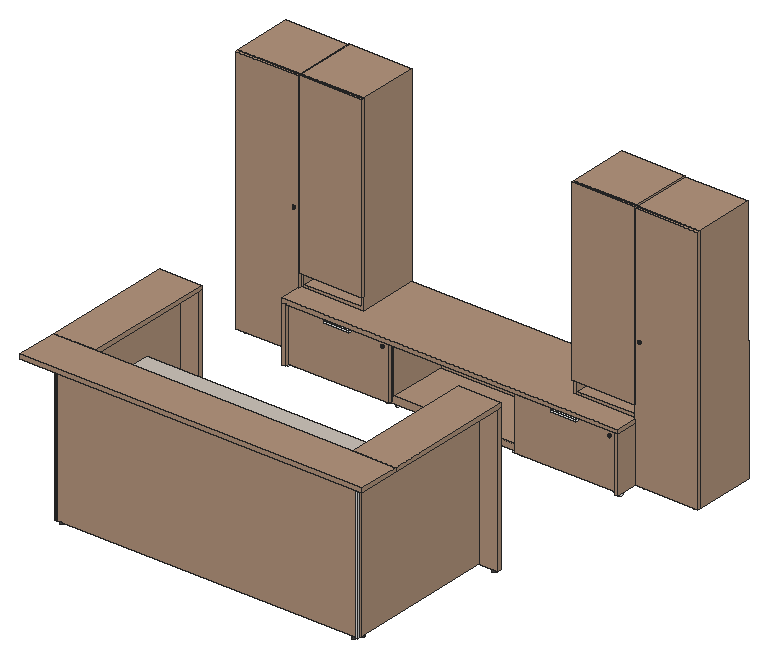
Revit family "Expansion_Casegoods-Reception_02-Teknion-R2019", category Furniture Systems, Revit 2019 (continued)
Definition of nested family "Reception-Teknion-B_CRU_Reception_Desk_Module_U_Shaped-R2019"
  Reference planes (in)
    plane 14: y = -0.8538
    plane 15: y = -0.8538
  Forms (in)
    Sweep 1, solid, material <- "Worksurface Finish", visible <- "1 Main Worksurface"
      path origin (0, 30.1542, 0) x (1, 0, 0) y (0, 0, 1)
        loop
          line (0, 42) -> (0, 43.189)
      profile origin (0, 30.1542, 42.5945) x (-1, 0, 0) y (0, -1, 0)
        loop
          line (48.508, -6.508) -> (48.508, 5.492) -> (-48.508, 5.492) -> (-48.508, -6.508) -> (48.508, -6.508)
    Sweep 2, solid, material <- "Worksurface Finish", visible <- "2 Main Worksurface"
      path origin (0, 30.1542, 0) x (1, 0, 0) y (0, 0, 1)
        loop
          line (0, 42) -> (0, 43.189)
      profile origin (0, 30.1542, 42.5945) x (-1, 0, 0) y (0, -1, 0)
        loop
          line (48.508, -6.508) -> (48.508, 5.492) -> (0, 5.492) -> (0, -6.508) -> (48.508, -6.508)
    Sweep 3, solid, material <- "Worksurface Finish", visible <- "2 Main Worksurface"
      path origin (0, 30.1542, 0) x (1, 0, 0) y (0, 0, 1)
        loop
          line (0, 42) -> (0, 43.189)
      profile origin (0, 30.1542, 42.5945) x (-1, 0, 0) y (0, -1, 0)
        loop
          line (0, -6.508) -> (0, 5.492) -> (-48.508, 5.492) -> (-48.508, -6.508) -> (0, -6.508)
    Sweep 4, solid, material <- "Worksurface Finish"
      path origin (0, 30.1542, 0) x (1, 0, 0) y (0, 0, 1)
        loop
          line (0, 42) -> (0, 43.189)
      profile origin (0, 30.1542, 42.5945) x (-1, 0, 0) y (0, -1, 0)
        loop
          line (48.508, 5.492) -> (48.508, 31.008) -> (36.508, 31.008) -> (36.508, 5.492) -> (48.508, 5.492)
        loop
          line (-48.508, 5.492) -> (-36.508, 5.492) -> (-36.508, 31.008) -> (-48.508, 31.008) -> (-48.508, 5.492)
    Sweep 5, solid, material <- "Gable Finish"
      path origin (0, 30.1542, 0) x (1, 0, 0) y (0, 0, 1)
        loop
          line (0, 42) -> (0, 0.60236)
      profile origin (0, 30.1542, 21.30118) x (0, -1, 0) y (1, 0, 0)
        loop
          line (29.992, -48.508) -> (31.008, -48.508) -> (31.008, -36.508) -> (29.992, -36.508) -> (29.992, -48.508)
        loop
          line (29.992, 36.508) -> (31.008, 36.508) -> (31.008, 48.508) -> (29.992, 48.508) -> (29.992, 36.508)
    Sweep 6, solid, material <- "Inset Panel Finish"
      path origin (0, 30.1542, 0) x (1, 0, 0) y (0, 0, 1)
        loop
          line (0, 42) -> (0, 0.60236)
      profile origin (0, 30.1542, 21.30118) x (0, -1, 0) y (1, 0, 0)
        loop
          line (0, -43.01575) -> (29.992, -43.01575) -> (29.992, -42) -> (0, -42) -> (0, -43.01575)
        loop
          line (0, 43.01575) -> (0, 42) -> (29.992, 42) -> (29.992, 43.01575) -> (0, 43.01575)
    Sweep 7, solid, material <- "Inset Panel Finish", visible <- "3 Filler Panels"
      path origin (0, 30.1542, 0) x (1, 0, 0) y (0, 0, 1)
        loop
          line (0, 0.60236) -> (0, 42)
      profile origin (0, 30.1542, 21.30118) x (-1, 0, 0) y (0, -1, 0)
        loop
          line (43.01575, 0) -> (-43.01575, 0) -> (-43.01575, -1.016) -> (43.01575, -1.016) -> (43.01575, 0)
    Sweep 8, solid, material <- "Inset Panel Finish", visible <- "4 Filler Panels"
      path origin (0, 30.1542, 0) x (1, 0, 0) y (0, 0, 1)
        loop
          line (0, 42) -> (0, 0.60236)
      profile origin (0, 30.1542, 21.30118) x (0, -1, 0) y (1, 0, 0)
        loop
          line (-1.016, -43.01575) -> (0, -43.01575) -> (0, 0) -> (-1.016, 0) -> (-1.016, -43.01575)
    Sweep 9, solid, material <- "Inset Panel Finish", visible <- "4 Filler Panels"
      path origin (0, 30.1542, 0) x (1, 0, 0) y (0, 0, 1)
        loop
          line (0, 0.60236) -> (0, 42)
      profile origin (0, 30.1542, 21.30118) x (-1, 0, 0) y (0, -1, 0)
        loop
          line (0, -1.016) -> (0, 0) -> (-43.01575, 0) -> (-43.01575, -1.016) -> (0, -1.016)
    Sweep 10, solid, material <- "Corner Extrusion Finish"
      path origin (0, 30.1542, 0) x (1, 0, 0) y (0, 0, 1)
        loop
          line (0, 42) -> (0, 0.60236)
      profile origin (0, 30.1542, 21.30118) x (0, -1, 0) y (1, 0, 0)
        loop
          line (-1.016, -43.01575) -> (-1.016, -42.54724) -> (-1.07899, -42.54724) -> (-1.07899, -43.07874) -> (-0.5475, -43.07874) -> (-0.5475, -43.01575) -> (-1.016, -43.01575)
        loop
          line (-1.016, 43.01575) -> (-0.5475, 43.01575) -> (-0.5475, 43.07874) -> (-1.07899, 43.07874) -> (-1.07899, 42.54724) -> (-1.016, 42.54724) -> (-1.016, 43.01575)
    Sweep 11, solid
      path origin (0, 30.1542, 0) x (1, 0, 0) y (0, 0, 1)
        loop
          line (0, 0) -> (0, 0.60236)
      profile origin (0, 30.1542, 0.30118) x (-1, 0, 0) y (0, -1, 0)
        loop
          circle (47.008, 30.5) r 0.5
        loop
          circle (38.008, 30.5) r 0.5
        loop
          circle (-47.008, 30.5) r 0.5
        loop
          circle (-38.008, 30.5) r 0.5
        loop
          circle (42.50787, 1.49987) r 0.5
        loop
          circle (41.51575, -0.508) r 0.5
        loop
          circle (-42.50787, 1.49987) r 0.5
        loop
          circle (-41.51575, -0.508) r 0.5
    Sweep 12, solid, visible <- "4 Filler Panels"
      path origin (0, 30.1542, 0) x (1, 0, 0) y (0, 0, 1)
        loop
          line (0, 0) -> (0, 0.60236)
      profile origin (0, 30.1542, 0.30118) x (-1, 0, 0) y (0, -1, 0)
        loop
          circle (-1.5, -0.508) r 0.5
        loop
          circle (1.5, -0.508) r 0.5
  Lines and regions (in)
    Masking region 1
      outline origin (0, 0, 0) x (1, 0, 0) y (0, 1, 0)
        loop
          line (-48.508, 24.6622) -> (-48.508, -0.8538) -> (-36.508, -0.8538) -> (-36.508, 24.6622) -> (-48.508, 24.6622)
        loop
          line (36.508, 24.6622) -> (36.508, -0.8538) -> (48.508, -0.8538) -> (48.508, 24.6622) -> (36.508, 24.6622)
    Masking region 2, visible <- "2 Main Worksurface"
      outline origin (0, 0, 0) x (1, 0, 0) y (0, 1, 0)
        loop
          line (-48.508, 24.6622) -> (0, 24.6622) -> (0, 36.6622) -> (-48.508, 36.6622) -> (-48.508, 24.6622)
    Masking region 3, visible <- "2 Main Worksurface"
      outline origin (0, 0, 0) x (1, 0, 0) y (0, 1, 0)
        loop
          line (0, 24.6622) -> (48.508, 24.6622) -> (48.508, 36.6622) -> (0, 36.6622) -> (0, 24.6622)
    Masking region 4, visible <- "1 Main Worksurface"
      outline origin (0, 0, 0) x (1, 0, 0) y (0, 1, 0)
        loop
          line (-48.508, 24.6622) -> (48.508, 24.6622) -> (48.508, 36.6622) -> (-48.508, 36.6622) -> (-48.508, 24.6622)
    symbolic lines, detail levels medium+fine
      curve 1: line (-36.508, 0.1622, 0) -> (-48.508, 0.1622, 0)
      curve 2: line (48.508, 0.1622, 0) -> (36.508, 0.1622, 0)
      curve 3: line (-43.01575, 30.1542, 0) -> (43.01575, 30.1542, 0)
      curve 4: line (43.01575, 30.1542, 0) -> (43.01575, 31.1702, 0)
      curve 5: line (43.01575, 31.1702, 0) -> (-43.01575, 31.1702, 0)
      curve 6: line (-43.01575, 31.1702, 0) -> (-43.01575, 30.1542, 0)
      curve 7: line (-42, 0.1622, 0) -> (-42, 30.1542, 0)
      curve 8: line (-43.01575, 30.1542, 0) -> (-43.01575, 0.1622, 0)
      curve 9: line (42, 30.1542, 0) -> (42, 0.1622, 0)
      curve 10: line (43.01575, 0.1622, 0) -> (43.01575, 30.1542, 0)
    symbolic lines, detail levels fine
      curve 11: arc (-47.508, -0.3458, 0) -> (-47.008, -0.8458, 0) -> (-46.508, -0.3458, 0) r 0.5
      curve 12: arc (-46.508, -0.3458, 0) -> (-47.008, 0.1542, 0) -> (-47.508, -0.3458, 0) r 0.5
      curve 13: arc (-38.508, -0.3458, 0) -> (-38.008, -0.8458, 0) -> (-37.508, -0.3458, 0) r 0.5
      curve 14: arc (-37.508, -0.3458, 0) -> (-38.008, 0.1542, 0) -> (-38.508, -0.3458, 0) r 0.5
      curve 15: arc (-42.00787, 28.65433, 0) -> (-42.50787, 29.15433, 0) -> (-43.00787, 28.65433, 0) r 0.5
      curve 16: arc (-43.00787, 28.65433, 0) -> (-42.50787, 28.15433, 0) -> (-42.00787, 28.65433, 0) r 0.5
      curve 17: arc (-42.01575, 30.6622, 0) -> (-41.51575, 30.1622, 0) -> (-41.01575, 30.6622, 0) r 0.5
      curve 18: arc (-41.01575, 30.6622, 0) -> (-41.51575, 31.1622, 0) -> (-42.01575, 30.6622, 0) r 0.5
      curve 19: arc (42.00787, 28.65433, 0) -> (42.50787, 28.15433, 0) -> (43.00787, 28.65433, 0) r 0.5
      curve 20: arc (43.00787, 28.65433, 0) -> (42.50787, 29.15433, 0) -> (42.00787, 28.65433, 0) r 0.5
      curve 21: arc (42.01575, 30.6622, 0) -> (41.51575, 31.1622, 0) -> (41.01575, 30.6622, 0) r 0.5
      curve 22: arc (41.01575, 30.6622, 0) -> (41.51575, 30.1622, 0) -> (42.01575, 30.6622, 0) r 0.5
      curve 23: arc (37.508, -0.3458, 0) -> (38.008, -0.8458, 0) -> (38.508, -0.3458, 0) r 0.5
      curve 24: arc (38.508, -0.3458, 0) -> (38.008, 0.1542, 0) -> (37.508, -0.3458, 0) r 0.5
      curve 25: arc (46.508, -0.3458, 0) -> (47.008, -0.8458, 0) -> (47.508, -0.3458, 0) r 0.5
      curve 26: arc (47.508, -0.3458, 0) -> (47.008, 0.1542, 0) -> (46.508, -0.3458, 0) r 0.5
      curve 27: line (-43.07874, 30.7017, 0) -> (-43.01575, 30.7017, 0)
      curve 28: line (-43.07874, 31.2332, 0) -> (-43.07874, 30.7017, 0)
      curve 29: line (-42.54724, 31.2332, 0) -> (-43.07874, 31.2332, 0)
      curve 30: line (-42.54724, 31.1702, 0) -> (-42.54724, 31.2332, 0)
      curve 31: line (43.01575, 30.7017, 0) -> (43.07874, 30.7017, 0)
      curve 32: line (43.07874, 30.7017, 0) -> (43.07874, 31.2332, 0)
      curve 33: line (43.07874, 31.2332, 0) -> (42.54724, 31.2332, 0)
      curve 34: line (42.54724, 31.2332, 0) -> (42.54724, 31.1702, 0)
    symbolic lines, visible <- "4 Filler Panels", detail levels fine
      curve 35: arc (-2, 30.6622, 0) -> (-1.5, 30.1622, 0) -> (-1, 30.6622, 0) r 0.5
      curve 36: arc (-1, 30.6622, 0) -> (-1.5, 31.1622, 0) -> (-2, 30.6622, 0) r 0.5
      curve 37: arc (1, 30.6622, 0) -> (1.5, 30.1622, 0) -> (2, 30.6622, 0) r 0.5
      curve 38: arc (2, 30.6622, 0) -> (1.5, 31.1622, 0) -> (1, 30.6622, 0) r 0.5
      curve 39: line (0, 31.1702, 0) -> (0, 30.1542, 0)
    reference lines
      curve 40: line (-48.508, -0.8538, 0) -> (48.508, -0.8538, 0)
      curve 41: line (48.508, 36.6622, 0) -> (48.508, -0.8538, 0)
      curve 42: line (-48.508, 36.6622, 0) -> (48.508, 36.6622, 0)
      curve 43: line (-48.508, 36.6622, 0) -> (-48.508, -0.8538, 0)
  Dimensions and locks (in)
    plane 4 "Left" to plane 5 "Right" = 97.016"
    "END length": plane 1 "Center Front/Back" to plane 7 "Front"
    locked: plane 8 "Top" to level at 42
    equal spacing: plane 9, plane 3 "Center Left/Right", plane 10
    "Width": plane 9 to plane 10
    locked: plane 10 to plane 5 "Right" at 6.508
    locked: plane 4 "Left" to plane 9 at 6.508
    "Actual Left Return Width": plane 11 to plane 1 "Center Front/Back"
    "Actual Right Return Width": plane 12 to plane 1 "Center Front/Back"
    locked: plane 1 "Center Front/Back" to plane 6 "Back" at 6.508
    "Worksurface Thickness": plane 13 to plane 8 "Top"
    locked: plane 6 "Back" to Sweep 1 sketch curve at 12
    "End Gable Thickness": plane 11 to plane 14
    "End Gable Thickness": plane 12 to plane 15
    locked: Sweep 2 sketch curve to plane 1 "Center Front/Back" at 5.492
    locked: Sweep 3 sketch curve to plane 1 "Center Front/Back" at 5.492
    plane 6 "Back" to Sweep 4 sketch curve to Sweep 4 sketch curve = 12.000" locked, 0.000" locked
    locked: Sweep 4 sketch curve to Sweep 4 sketch curve at 12
    locked: Sweep 4 sketch curve to plane 5 "Right" at 12
    locked: Sweep 5 sketch curve to level at 0.60236
    locked: Sweep 5 sketch curve to plane 5 "Right" at 12
    locked: plane 4 "Left" to Sweep 5 sketch curve at 12
    locked: Sweep 6 sketch curve to level at 0.60236
    locked: Sweep 6 sketch curve to plane 9 at 1.01575
    locked: plane 10 to Sweep 6 sketch curve at 1.01575
    locked: Sweep 7 sketch curve to level at 0.60236
    Sweep 6 to Sweep 6 = 1.01575"
    locked: Sweep 7 sketch curve to plane 9 at 1.01575
    locked: plane 1 "Center Front/Back" to Sweep 7 sketch curve at 1.016
    locked: plane 10 to Sweep 7 sketch curve at 1.01575
    locked: Sweep 8 sketch curve to level at 0.60236
    locked: Sweep 8 sketch curve to plane 9 at 1.01575
    locked: plane 1 "Center Front/Back" to Sweep 8 sketch curve at 1.016
    locked: Sweep 9 sketch curve to level at 0.60236
    locked: plane 1 "Center Front/Back" to Sweep 9 sketch curve at 1.016
    locked: plane 10 to Sweep 9 sketch curve at 1.01575
    locked: Sweep 10 sketch curve to level at 0.60236
    Sweep 10 sketch curve to Sweep 10 sketch curve to Sweep 10 sketch curve to plane 9 = 0.06299", 0.4685", 0.54724"
    plane 1 "Center Front/Back" to Sweep 10 sketch curve to Sweep 10 sketch curve to Sweep 10 sketch curve = 0.5475" locked, 0.4685" locked, 0.06299" locked  (x2)
    plane 10 to Sweep 10 sketch curve to Sweep 10 sketch curve to Sweep 10 sketch curve = 0.54724" locked, 0.4685" locked, 0.06299" locked
    locked: Sweep 11 sketch curve to level at 0.60236
    equal spacing: plane 11, Sweep 11 sketch curve, plane 14  (x2)
    Sweep 11 sketch curve to plane 9 to Sweep 11 sketch curve = 5.008" locked, 3.992" locked
    Sweep 11 sketch curve to plane 10 to Sweep 11 sketch curve = 3.992" locked, 5.008" locked
    equal spacing: plane 12, Sweep 11 sketch curve, plane 15  (x2)
    Sweep 11 sketch curve to plane 9 to Sweep 11 sketch curve = 0.50787" locked, 0.48425" locked
    Sweep 11 sketch curve to plane 1 "Center Front/Back" to Sweep 11 sketch curve = 1.49987" locked, 0.508" locked  (x2)
    Sweep 11 sketch curve to plane 10 to Sweep 11 sketch curve = 0.48425" locked, 0.50787" locked
    locked: Sweep 12 sketch curve to level at 0.60236
    Sweep 12 sketch curve to plane 3 "Center Left/Right" to Sweep 12 sketch curve = 1.500" locked, 1.500" locked
    plane 1 "Center Front/Back" to Sweep 12 sketch curve to Sweep 12 sketch curve = 0.508" locked, 0.000" locked
    aligned and locked: level to plane 2
    aligned and locked: plane 13 to Sweep 1 sketch curve
    aligned and locked: plane 8 "Top" to Sweep 1 sketch curve
    aligned and locked: plane 3 "Center Left/Right" to Sweep 1 sketch curve
    aligned and locked: Sweep 1 sketch curve to plane 6 "Back"
    aligned and locked: plane 4 "Left" to Sweep 1 sketch curve
    aligned and locked: Sweep 1 sketch curve to plane 5 "Right"
    aligned and locked: plane 13 to Sweep 2 sketch curve
    aligned and locked: plane 8 "Top" to Sweep 2 sketch curve
    aligned and locked: plane 3 "Center Left/Right" to Sweep 2 sketch curve
    aligned and locked: Sweep 2 sketch curve to Sweep 1
    aligned and locked: plane 4 "Left" to Sweep 2 sketch curve
    aligned and locked: Sweep 2 sketch curve to profile plane
    aligned and locked: plane 13 to Sweep 3 sketch curve
    aligned and locked: plane 8 "Top" to Sweep 3 sketch curve
    aligned and locked: plane 3 "Center Left/Right" to Sweep 3 sketch curve  (x2)
    aligned and locked: Sweep 3 sketch curve to plane 6 "Back"
    aligned and locked: Sweep 3 sketch curve to plane 5 "Right"
    aligned and locked: plane 13 to Sweep 4 sketch curve
    aligned and locked: plane 8 "Top" to Sweep 4 sketch curve
    aligned and locked: plane 3 "Center Left/Right" to Sweep 4 sketch curve
    aligned and locked: plane 4 "Left" to Sweep 4 sketch curve
    aligned and locked: Sweep 4 sketch curve to plane 5 "Right"
    aligned and locked: Sweep 4 sketch curve to plane 15
    aligned and locked: plane 14 to Sweep 4 sketch curve
    aligned and locked: plane 8 "Top" to Sweep 5 sketch curve
    aligned and locked: Sweep 5 sketch curve to plane 3 "Center Left/Right"
    aligned and locked: plane 5 "Right" to Sweep 5 sketch curve
    aligned and locked: Sweep 5 sketch curve to plane 12
    aligned and locked: plane 15 to Sweep 5 sketch curve
    aligned and locked: plane 14 to Sweep 5 sketch curve
    aligned and locked: Sweep 5 sketch curve to plane 11
    aligned and locked: plane 4 "Left" to Sweep 5 sketch curve
    aligned and locked: plane 8 "Top" to Sweep 6 sketch curve
    aligned and locked: Sweep 6 sketch curve to plane 3 "Center Left/Right"
    aligned and locked: plane 11 to Sweep 6 sketch curve
    aligned and locked: plane 1 "Center Front/Back" to Sweep 6 sketch curve
    aligned and locked: Sweep 6 sketch curve to plane 9
    aligned and locked: Sweep 6 sketch curve to plane 10
    aligned and locked: Sweep 6 sketch curve to plane 1 "Center Front/Back"
    aligned and locked: Sweep 6 sketch curve to plane 12
    aligned and locked: plane 8 "Top" to Sweep 7 sketch curve
    aligned and locked: plane 3 "Center Left/Right" to Sweep 7 sketch curve
    aligned and locked: plane 1 "Center Front/Back" to Sweep 7 sketch curve
    aligned and locked: plane 8 "Top" to Sweep 8 sketch curve
    aligned and locked: Sweep 8 sketch curve to plane 3 "Center Left/Right"  (x2)
    aligned and locked: Sweep 8 sketch curve to plane 1 "Center Front/Back"
    aligned and locked: plane 8 "Top" to Sweep 9 sketch curve
    aligned and locked: plane 3 "Center Left/Right" to Sweep 9 sketch curve  (x2)
    aligned and locked: Sweep 9 sketch curve to plane 1 "Center Front/Back"
    aligned and locked: Sweep 10 sketch curve to plane 3 "Center Left/Right"
    aligned and locked: plane 8 "Top" to Sweep 10 sketch curve
    aligned and locked: plane 3 "Center Left/Right" to Sweep 11 sketch curve
    aligned and locked: level to Sweep 11 sketch curve
    aligned and locked: level to Sweep 12 sketch curve
    aligned and locked: plane 3 "Center Left/Right" to Sweep 12 sketch curve
    aligned and locked: Masking region 1 sketch curve to Sweep 4  (x8)
    aligned and locked: Masking region 2 sketch curve to Sweep 2  (x4)
    aligned and locked: Masking region 3 sketch curve to Sweep 3  (x4)
    aligned and locked: Masking region 4 sketch curve to Sweep 1  (x4)
    aligned and locked: curve 1 to Sweep 5
    aligned and locked: curve 2 to Sweep 5
    aligned and locked: curve 3 to Sweep 7
    aligned and locked: curve 4 to Sweep 7
    aligned and locked: curve 5 to Sweep 7
    aligned and locked: curve 6 to Sweep 7
    aligned and locked: curve 7 to Sweep 6
    aligned and locked: curve 8 to Sweep 6
    aligned and locked: curve 9 to Sweep 6
    aligned and locked: curve 10 to Sweep 6
    aligned and locked: curve 11 to Sweep 11
    aligned and locked: curve 12 to Sweep 11
    aligned and locked: curve 13 to Sweep 11
    aligned and locked: curve 14 to Sweep 11
    aligned and locked: curve 15 to Sweep 11
    aligned and locked: curve 16 to Sweep 11
    aligned and locked: curve 17 to Sweep 11
    aligned and locked: curve 18 to Sweep 11
    aligned and locked: curve 19 to Sweep 11
    aligned and locked: curve 20 to Sweep 11
    aligned and locked: curve 21 to Sweep 11
    aligned and locked: curve 22 to Sweep 11
    aligned and locked: curve 23 to Sweep 11
    aligned and locked: curve 24 to Sweep 11
    aligned and locked: curve 25 to Sweep 11
    aligned and locked: curve 26 to Sweep 11
    aligned and locked: curve 27 to Sweep 10
    aligned and locked: curve 28 to Sweep 10
    aligned and locked: curve 29 to Sweep 10
    aligned and locked: curve 30 to Sweep 10
    aligned and locked: curve 31 to Sweep 10
    aligned and locked: curve 32 to Sweep 10
    aligned and locked: curve 33 to Sweep 10
    aligned and locked: curve 34 to Sweep 10
    aligned and locked: curve 35 to Sweep 12
    aligned and locked: curve 36 to Sweep 12
    aligned and locked: curve 37 to Sweep 12
    aligned and locked: curve 38 to Sweep 12
    aligned and locked: curve 39 to Sweep 9
    aligned and locked: plane 7 "Front" to curve 40
    aligned and locked: curve 41 to plane 5 "Right"
    aligned and locked: curve 42 to plane 6 "Back"
    aligned and locked: curve 43 to plane 4 "Left"
  Automatic sketch dimensions
    curve 1 to plane 4 "Left" = 0.000"
    curve 2 to plane 5 "Right" = 0.000"
    curve 14 to curve 1 = 1.500"
    curve 2 to curve 23 = 1.500"
    radius of Sweep 11 sketch curve = 0.500"  (x8)
    radius of Sweep 12 sketch curve = 0.500"  (x2)
Definition of nested family "Storage-Freestanding-Teknion-BFRL_Full_Solid_Door_Tower-R2018"
  Parameters (values of type "18"w x 66"h")
    Warranty = "http://www.teknion.com/ca/papers/legal-canada"
    Wardrobe [instance] = not(or(Shelves, File Drawers and Shelves))  # no
    To render please download texture images found here [instance] = "https://assets.teknion.com/web/5e81352c1dfdb467/revit-material-swatches/"
    Shelves [instance] = yes
    Unit Weight URL = "http://www.teknion.com/pricing/expansion-casegoods/pdfs/wv.pdf"
    URL = "http://www.teknion.com/"
    Top Shelf Height Offset [instance] = if(Height = 66.000", 14.906", 16.986")  # 14.906"
    Sustainability Data = "http://www.teknion.com/about-teknion/environment/datasheets.asp"
    Series = "Expansion Casegoods"  # constant formula
    Product Page URL = "http://www.teknion.com/ca/products/product-details?productlineid=0053336e-8e7a-673b-a6c8-ff00004460c4"
    Product Line = "Expansion Casegoods"  # constant formula
    Product Documentation Link = "http://www.teknion.com/pricing/expansion-casegoods/pdfs/BFRL_ppg.pdf"
    Part Number = "BFRL"  # constant formula
    Note [instance] = "Available Depths are 18 and 24 inches."  # constant formula
    Model = "BFRL___1866_"
    Middle Shelf Visibility [instance] = or(File Drawers and Shelves, Shelves)  # yes
    Middle Shelf Height Offset [instance] = if(Height = 66.000", 14.846", 16.927")  # 14.846"
    Manufacturer Phone = "416-661-3370"
    Manufacturer Fax = "416.661.4586"
    Manufacturer Contact Information = "http://www.teknion.com/ca/contactus"
    Manufacturer Address = "1150 Flint Road, Toronto, ON. M3J 2J5. Canada"
    Manufacturer = "Teknion"  # constant formula
    Lock Height Offset [instance] = if(Height = 72.000", 33.722", 29.561")  # 29.561"
    How to Add Texture Images to your Revit Project [instance] = "https://assets.teknion.com/m/205dd0a49fa58060/original/How-to-add-a-Material-Library-and-Texture-Images-to-your-Revit-project.pdf"
    Height = 66.000"
    For Additional Finishes please visit [instance] = "https://assets.teknion.com/m/44a8009b046e5d47/original/Teknion_Materials_Library.zip"
    File Drawers and Shelves [instance] = no
    Door Front Finish [instance] = none
    Description = "Freestanding Tower with Full Solid Door, 18\"w, 66\"h"
    Depth [instance] = 18.000"
    Configurations Note [instance] = "Please select one of the following."  # constant formula
    Case Finish [instance] = none
    Bottom Shelf Visibility [instance] = or(Shelves)  # yes
    Assembly Code = "E2020200"
    Actual Height = if(Height = 66.000", 65.165", 71.406")  # 65.165"
    Actual Depth [instance] = if(Depth = 18.000", 17.161", 23.161")  # 17.161"
  Types (2): name | Top Shelf Height Offset | Model | Middle Shelf Height Offset | Lock Height Offset | Height | Description | Actual Height
    18"w x 66"h | 14.906" | "BFRL___1866_" | 14.846" | 29.561" | 66.000" | "Freestanding Tower with Full Solid Door, 18\"w, 66\"h" | 65.165"
    18"w x 72"h | 16.986" | "BFRL___1872_" | 16.927" | 33.722" | 72.000" | "Freestanding Tower with Full Solid Door, 18\"w, 72\"h" | 71.406"
  Reference planes (in)
    plane 1 "Center F/B": y = 0.37429
    plane 2: z = 0
    plane 3 "Center L/R": x = 0
    plane 4 "Left": x = -8.955
    plane 5 "Right": x = 8.955
    plane 6 "Back": y = 8.95479
    plane 7 "Front": y = -8.20621
    plane 8 "Top": z = 65.165
    plane 9: z = 32.5825
    plane 10: y = -8.344
    plane 11: y = -9.04479
    plane 12: x = -8.25421
    plane 13: z = 2.49213
    plane 14: x = 8.25421
    plane 15: z = 64.46421
    plane 16: y = 8.254
    plane 17: z = 49.55821
    plane 18: z = 48.85743
    plane 19: z = 33.66096
    plane 20: z = 32.96017
    plane 21: z = 18.11417
    plane 22: z = 17.41339
  Forms (in)
    Sweep 1, solid, material <- "Case Finish"
      path origin (0, 0.37429, 0) x (1, 0, 0) y (0, 0, 1)
        loop
          line (0, 0.60236) -> (0, 65.165)
      profile origin (0, 0.37429, 32.88368) x (-1, 0, 0) y (0, -1, 0)
        loop
          line (8.955, -8.5805) -> (8.955, 8.5805) -> (-8.955, 8.5805) -> (-8.955, -8.5805) -> (8.955, -8.5805)
    Sweep 2, solid
      path origin (0, -9, 0) x (1, 0, 0) y (0, 0, 1)
        loop
          line (0, 0.60236) -> (0, 0)
      profile origin (0, -9, 0.30118) x (0, -1, 0) y (1, 0, 0)
        loop
          circle (-1.34556, -6.99292) r 0.5
        loop
          circle (-1.34556, 6.99292) r 0.5
        loop
          circle (-16.65862, -6.99292) r 0.5
        loop
          circle (-16.65862, 6.99292) r 0.5
    Extrusion 3, solid, material <- "Door Front Finish"
      sketch origin (-8.955, -9.04479, 48) x (-1, 0, 0) y (0, 0, 1)
        loop
          line (0, -47.27953) -> (0, 17.04689) -> (-17.91, 17.04689) -> (-17.91, -47.27953) -> (0, -47.27953)
      from 0 to 0.70079
    Extrusion 4, void
      sketch origin (-8.955, -8.344, 48) x (1, 0, 0) y (0, 0, 1)
        loop
          line (0.70079, -45.50787) -> (17.20921, -45.50787) -> (17.20921, 16.46421) -> (0.70079, 16.46421) -> (0.70079, -45.50787)
      from -16.59801 to -0.1378
    Extrusion 5, solid, material <- "Case Finish"
      sketch origin (-8.955, -8.344, 48) x (-1, 0, 0) y (0, 0, 1)
        loop
          line (-17.20921, 1.55821) -> (-17.20921, 0.85743) -> (-0.70079, 0.85743) -> (-0.70079, 1.55821) -> (-17.20921, 1.55821)
      from 0.1378 to 16.59801
    Extrusion 6, solid, material <- "Case Finish", visible <- "Middle Shelf Visibility"
      sketch origin (-15.16421, -8.344, 31.00849) x (-1, 0, 0) y (0, 0, 1)
        loop
          line (-23.41843, 2.65247) -> (-23.41843, 1.95168) -> (-6.91, 1.95168) -> (-6.91, 2.65247) -> (-23.41843, 2.65247)
      from 0.1378 to 16.59801
    Extrusion 7, solid, material <- "Case Finish", visible <- "Bottom Shelf Visibility"
      sketch origin (-8.955, -8.344, 16.55496) x (-1, 0, 0) y (0, 0, 1)
        loop
          line (-17.20921, 1.55921) -> (-17.20921, 0.85843) -> (-0.70079, 0.85843) -> (-0.70079, 1.55921) -> (-17.20921, 1.55921)
      from 0.1378 to 16.59801
    Extrusion 8, solid
      sketch origin (-8.5613, -9.04479, 48) x (-1, 0, 0) y (0, 0, 1)
        loop
          line (-16.22693, -12.396) -> (-16.22693, -12.77002) -> (-16.1285, -12.77002) -> (-16.1285, -12.396) -> (-16.22693, -12.396)
        loop
          circle (-16.17772, -12.58301) r 0.4
      from 0 to -0.05906
    Extrusion 9, solid, visible <- "File Drawers and Shelves"
      sketch origin (-8.5613, -9.18589, 48) x (-1, 0, 0) y (0, 0, 1)
        loop
          line (-0.30709, -30.58661) -> (-0.30709, -18.58661) -> (-16.81551, -18.58661) -> (-16.81551, -30.58661) -> (-0.30709, -30.58661)
        loop
          line (-0.30709, -44.08661) -> (-0.30709, -32.08661) -> (-16.81551, -32.08661) -> (-16.81551, -44.08661) -> (-0.30709, -44.08661)
      from 0.97969 to 1.68069
  Cuts and joins
    Extrusion 4 cuts Sweep 1
  Lines and regions (in)
    Masking region 1
      outline origin (0, 0, 65.165) x (-1, 0, 0) y (0, -1, 0)
        loop
          line (8.955, -8.95479) -> (8.955, 8.20621) -> (-8.955, 8.20621) -> (-8.955, -8.95479) -> (8.955, -8.95479)
    Masking region 2
      outline origin (0, 0, 0) x (1, 0, 0) y (0, 1, 0)
        loop
          line (-8.955, -8.344) -> (-8.955, -9.04479) -> (8.955, -9.04479) -> (8.955, -8.344) -> (-8.955, -8.344)
    symbolic lines
      curve 1: line (8.89594, 0.37429, 65.04689) -> (-8.89595, 0.37429, 32.5825)
      curve 2: line (-8.89595, 0.37429, 32.5825) -> (8.89594, 0.37429, 1.5748)
    symbolic lines, detail levels medium+fine
      curve 3: line (8.5613, -8.344, 0) -> (8.5613, -9.04479, 0)
      curve 15: line (8.25421, 8.254, 0) -> (-8.25421, 8.254, 0)
      curve 16: line (8.25421, -8.20621, 0) -> (8.25421, 8.254, 0)
      curve 17: line (-8.25421, 8.254, 0) -> (-8.25421, -8.20621, 0)
    symbolic lines, detail levels fine
      curve 4: line (7.21642, -9.10385, 0) -> (8.01642, -9.10385, 0)
      curve 5: line (8.01642, -9.10385, 0) -> (8.01642, -9.04479, 0)
      curve 6: line (7.21642, -9.10385, 0) -> (7.21642, -9.04479, 0)
      curve 7: arc (-6.99292, -8.15444, 0) -> (-6.49292, -7.65444, 0) -> (-6.99292, -7.15444, 0) r 0.5
      curve 8: arc (-6.99292, -7.15444, 0) -> (-7.49292, -7.65444, 0) -> (-6.99292, -8.15444, 0) r 0.5
      curve 9: arc (6.99292, -8.15444, 0) -> (7.49292, -7.65444, 0) -> (6.99292, -7.15444, 0) r 0.5
      curve 10: arc (6.99292, -7.15444, 0) -> (6.49292, -7.65444, 0) -> (6.99292, -8.15444, 0) r 0.5
      curve 11: arc (6.99292, 7.15862, 0) -> (7.49292, 7.65862, 0) -> (6.99292, 8.15862, 0) r 0.5
      curve 12: arc (6.99292, 8.15862, 0) -> (6.49292, 7.65862, 0) -> (6.99292, 7.15862, 0) r 0.5
      curve 13: arc (-6.99292, 7.15862, 0) -> (-6.49292, 7.65862, 0) -> (-6.99292, 8.15862, 0) r 0.5
      curve 14: arc (-6.99292, 8.15862, 0) -> (-7.49292, 7.65862, 0) -> (-6.99292, 7.15862, 0) r 0.5
    symbolic lines, visible <- "File Drawers and Shelves", detail levels fine
      curve 18: line (8.25421, -7.50521, 0) -> (-8.25421, -7.50521, 0)
  Dimensions and locks (in)
    equal spacing: plane 4 "Left", plane 3 "Center L/R", plane 5 "Right"
    locked: plane 4 "Left" to plane 5 "Right" at 17.91
    equal spacing: plane 6 "Back", plane 1 "Center F/B", plane 7 "Front"
    "Actual Height": plane 8 "Top" to plane 2
    locked: Sweep 1 sketch curve to plane 2 at 0.60236
    locked: plane 4 "Left" to Sweep 2 sketch curve at 1.96208  (x2)
    locked: plane 7 "Front" to Sweep 2 sketch curve at 0.55177  (x2)
    locked: Sweep 2 sketch curve to plane 2 at 0.60236
    equal spacing: plane 8 "Top", plane 9, plane 2
    locked: plane 6 "Back" to Sweep 2 sketch curve at 1.29617  (x2)
    locked: Sweep 2 sketch curve to plane 5 "Right" at 1.96208  (x2)
    locked: plane 7 "Front" to plane 10 at 0.1378
    locked: plane 10 to plane 11 at 0.70079
    locked: Extrusion 3 sketch curve to plane 2 at 0.72047
    locked: plane 8 "Top" to plane 15 at 0.70079
    locked: plane 12 to plane 4 "Left" at 0.70079
    locked: plane 14 to plane 5 "Right" at 0.70079
    locked: plane 13 to plane 2 at 2.49213
    locked: plane 6 "Back" to plane 16 at 0.70079
    locked: plane 17 to plane 18 at 0.70079
    locked: plane 19 to plane 20 at 0.70079
    "Middle Shelf Height Offset": plane 20 to plane 21
    locked: plane 21 to plane 22 at 0.70079
    locked: plane 22 to plane 13 at 14.92126
    "Top Shelf Height Offset": plane 15 to plane 17
    Extrusion 8 sketch curve to Extrusion 8 sketch curve to Extrusion 8 sketch curve = 0.18701" locked, 0.18701" locked
    "Lock Height Offset": plane 8 "Top" to Extrusion 8 sketch curve
    "Actual Depth": plane 6 "Back" to plane 7 "Front"
    curve 6 to curve 5 to plane 5 "Right" = 0.800" locked, 0.93858" locked
    locked: plane 8 "Top" to Extrusion 3 sketch curve at 0.11811
    locked: Extrusion 8 to plane 11 at 0.05906
    locked: Extrusion 9 sketch curve to plane 2 at 3.91339
    locked: plane 22 to Extrusion 9 sketch curve at 1.5
    locked: plane 20 to Extrusion 9 sketch curve at 3.54679
    locked: Extrusion 9 to plane 7 "Front" at 0.701
    aligned and locked: level to plane 2
    aligned and locked: Masking region 1 sketch curve to plane 5 "Right"
    aligned and locked: plane 4 "Left" to Masking region 1 sketch curve
    aligned and locked: plane 8 "Top" to Sweep 1 sketch curve
    aligned and locked: plane 3 "Center L/R" to Sweep 1 sketch curve
    aligned and locked: plane 4 "Left" to Sweep 1 sketch curve
    aligned and locked: Sweep 1 sketch curve to plane 5 "Right"
    aligned and locked: plane 2 to Sweep 2 sketch curve
    aligned and locked: nested 1 to plane 3 "Center L/R"
    aligned and locked: nested 1 to plane 7 "Front"
    aligned and locked: plane 9 to curve 2
    aligned and locked: Masking region 1 sketch curve to Sweep 1  (x2)
    aligned and locked: plane 4 "Left" to Extrusion 3 sketch curve
    aligned and locked: plane 10 to Extrusion 3
    aligned and locked: Extrusion 3 to plane 11
    aligned and locked: Extrusion 3 sketch curve to plane 5 "Right"
    aligned and locked: Extrusion 4 sketch curve to plane 13
    aligned and locked: Extrusion 4 sketch curve to plane 12
    aligned and locked: Extrusion 4 sketch curve to plane 15
    aligned and locked: plane 14 to Extrusion 4 sketch curve
    aligned and locked: plane 16 to Extrusion 4
    aligned and locked: plane 7 "Front" to Extrusion 4
    aligned and locked: plane 17 to Extrusion 5 sketch curve
    aligned and locked: plane 18 to Extrusion 5 sketch curve
    aligned and locked: plane 12 to Extrusion 5 sketch curve
    aligned and locked: Extrusion 5 sketch curve to plane 14
    aligned and locked: plane 16 to Extrusion 5
    aligned and locked: Extrusion 6 to plane 19
    aligned and locked: plane 20 to Extrusion 6
    aligned and locked: Extrusion 7 to plane 21
    aligned and locked: plane 22 to Extrusion 7
    aligned and locked: Extrusion 7 to plane 12
    aligned and locked: Extrusion 7 to plane 14
    aligned and locked: Extrusion 6 to plane 12
    aligned and locked: Extrusion 6 to plane 14
    aligned and locked: Sweep 1 sketch curve to plane 6 "Back"
    aligned and locked: Sweep 1 sketch curve to plane 7 "Front"
    aligned and locked: plane 16 to Extrusion 6
    aligned and locked: plane 16 to Extrusion 7
    aligned and locked: Masking region 2 sketch curve to plane 4 "Left"
    aligned and locked: Masking region 2 sketch curve to plane 10
    aligned and locked: Masking region 2 sketch curve to plane 11
    aligned and locked: plane 5 "Right" to Masking region 2 sketch curve
    aligned and locked: curve 4 to Extrusion 8
    aligned and locked: curve 7 to Sweep 2
    aligned and locked: curve 8 to Sweep 2
    aligned and locked: curve 9 to Sweep 2
    aligned and locked: curve 10 to Sweep 2
    aligned and locked: curve 11 to Sweep 2
    aligned and locked: curve 12 to Sweep 2
    aligned and locked: curve 13 to Sweep 2
    aligned and locked: curve 14 to Sweep 2
    aligned and locked: plane 7 "Front" to Extrusion 5
    aligned and locked: plane 7 "Front" to Extrusion 6
    aligned and locked: plane 7 "Front" to Extrusion 7
    aligned and locked: plane 11 to Extrusion 8
    aligned and locked: plane 22 to Extrusion 9 sketch curve
    aligned and locked: Extrusion 9 sketch curve to plane 14  (x2)
    aligned and locked: Extrusion 9 sketch curve to plane 12  (x2)
    aligned and locked: plane 7 "Front" to Extrusion 9
  Automatic sketch dimensions
    plane 4 "Left" to curve 1 = 0.05905"
    curve 2 to plane 5 "Right" = 0.05906"
    curve 1 to plane 5 "Right" = 0.05906"
    curve 2 to plane 13 = 0.91732"
    curve 1 to plane 8 "Top" = 0.11811"
    Sweep 2 sketch curve to plane 3 "Center L/R" = 0.000"
    Extrusion 6 sketch curve to plane 14 = 0.000"
    Extrusion 6 sketch curve to plane 12 = 0.000"
    plane 20 to Extrusion 6 sketch curve = 0.000"
    Extrusion 6 sketch curve to plane 19 = 0.000"
    Extrusion 7 sketch curve to plane 14 = 0.000"
    Extrusion 7 sketch curve to plane 12 = 0.000"
    plane 22 to Extrusion 7 sketch curve = 0.000"
    Extrusion 7 sketch curve to plane 21 = 0.000"
    plane 14 to Extrusion 8 sketch curve = 0.58858"
    Extrusion 8 sketch curve to Extrusion 8 sketch curve = 0.04921"
    Extrusion 8 sketch curve to Extrusion 8 sketch curve = 0.09843"
    curve 3 to plane 11 = 0.000"
    curve 3 to plane 10 = 0.000"
    plane 7 "Front" to curve 16 = 0.000"
    plane 7 "Front" to curve 17 = 0.000"
    curve 17 to plane 12 = 0.000"
    curve 15 to plane 14 = 0.000"
    curve 16 to plane 16 = 0.000"
    curve 3 to plane 14 = 0.30709"
    curve 4 to curve 6 = 0.05906"
    curve 4 to curve 5 = 0.05906"
    curve 18 to plane 7 "Front" = 0.701"
    radius of Sweep 2 sketch curve = 0.500"  (x4)
    radius of Extrusion 8 sketch curve = 0.400"
  Nested families (in)
    nested 1: "Door-Swing_Symbol-Teknion-2D" at (0, -8.20621, 0) x (-1, 0, 0) z (0, 0, 1), type "Door-Swing_Symbol-Teknion-2D", detail levels fine
      with Swing Width 17.910"
  Definition of nested family "Door-Swing_Symbol-Teknion-2D"
    Parameters
      Swing Width = 26.000"
    Reference planes (in)
      plane 1 "Center (Front/Back)": y = 0
      plane 2: z = 0
      plane 3 "Center (Left/Right)": x = 0
      plane 4: x = -13
      plane 5: x = 13
    Lines and regions (in)
      detail lines, in view "Ref. Level"
        curve 1: line (13, 0, 0) -> (13, -26, 0)
        curve 2: arc (-13, 0, 0) -> (-5.38478, -18.38478, 0) -> (13, -26, 0) r 26
    Dimensions and locks (in)
      equal spacing: plane 4, plane 3 "Center (Left/Right)", plane 5
      "Swing Width": plane 4 to plane 5
      "Swing Width": curve 1 to plane 1 "Center (Front/Back)"
      "Swing Width": radius of curve 2
      aligned and locked: plane 1 "Center (Front/Back)" to curve 1
    Automatic sketch dimensions
      curve 2 to plane 4 = 0.000"
Definition of nested family "Storage-Mounted-Teknion-BRLL_Full_Solid_Door_Tower_Low_Secondary_Desk-R2018"
  Parameters (values of type "File Drawer and Shelves, 18"d x 18"w, 66"h")
    Width = 17.910"
    Warranty = "http://www.teknion.com/legal/warranty.pdf"
    Unit Weight URL = "http://www.teknion.com/pricing/expansion-casegoods/pdfs/wv.pdf"
    URL = "http://www.teknion.com/"
    Sustainability Data = "http://www.teknion.com/about-teknion/environment/datasheets.asp"
    Series = "Expansion Casegoods"  # constant formula
    Product Page URL = "http://www.teknion.com/products/casegoods_expansion/"
    Product Line = "Expansion Casegoods"  # constant formula
    Product Documentation Link = "http://www.teknion.com/pricing/expansion-casegoods/pdfs/BRLL_ppg.pdf"
    Part Number = "BRLL"  # constant formula
    Model = "BRLLF181866_"
    Manufacturer Phone = "416-661-3370"
    Manufacturer Fax = "416.661.4586"
    Manufacturer Contact Information = "http://www.teknion.com/contact/contactus.asp"
    Manufacturer Address = "1150 Flint Road, Toronto, ON. M3J 2J5. Canada"
    Manufacturer = "Teknion"  # constant formula
    Height = 65.340"
    Has Wardrobe = no
    Has Shelves = not(or(Has File Drawer and Shelves, Has Wardrobe))  # no
    Has Multi-Functional Drawer [instance] = yes
    Has File Drawer and Shelves = yes
    Door Front Finish [instance] = none
    Description = "Tower with Full Solid Door - Low Secondary Desk Mounted, File Drawer and Shelves, 18\" Depth, 18\" Width, 66\" Height"
    Depth = 17.910"
    Case Finish [instance] = none
    Assembly Code = "E2020200"
  Types (6): name | Model | Height | Has Wardrobe | Has Shelves | Has File Drawer and Shelves | Description
    File Drawer and Shelves, 18"d x 18"w, 72"h | "BRLLF181872" | 71.582" | no | no | yes | "Tower with Full Solid Door - Low Secondary Desk Mounted, File Drawer and Shelves, 18\" Depth, 18\" Width, 72\" Height"
    File Drawer and Shelves, 18"d x 18"w, 66"h | "BRLLF181866_" | 65.340" | no | no | yes | "Tower with Full Solid Door - Low Secondary Desk Mounted, File Drawer and Shelves, 18\" Depth, 18\" Width, 66\" Height"
    Shelves, 18"d x 18"w, 72"h | "BRLLS181872" | 71.582" | no | yes | no | "Tower with Full Solid Door - Low Secondary Desk Mounted, Shelves, 18\" Depth, 18\" Width, 72\" Height"
    Shelves, 18"d x 18"w, 66"h | "BRLLS181866_" | 65.340" | no | yes | no | "Tower with Full Solid Door - Low Secondary Desk Mounted, Shelves, 18\" Depth, 18\" Width, 66\" Height"
    Wardrobe, 18"d x 18"w, 72"h | "BRLLW181872" | 71.582" | yes | no | no | "Tower with Full Solid Door - Low Secondary Desk Mounted, Wardrobe, 18\" Depth, 18\" Width, 72\" Height"
    Wardrobe, 18"d x 18"w, 66"h | "BRLLW181866_" | 65.340" | yes | no | no | "Tower with Full Solid Door - Low Secondary Desk Mounted, Wardrobe, 18\" Depth, 18\" Width, 66\" Height"
  Reference planes (in)
    plane 1 "Center F/B": y = 0
    plane 2: z = 0
    plane 3 "Center L/R": x = 0
    plane 4 "Left": x = -8.955
    plane 5 "Right": x = 8.955
    plane 6 "Back": y = 8.955
    plane 7 "Front": y = -8.955
    plane 8 "Top": z = 65.34
    plane 9: y = -8.955
    plane 10 "Bottom of Pedestal": z = 17.42526
    plane 11: z = 41.38263
  Forms (in)
    Sweep 1, solid, material <- "Door Front Finish"
      path origin (0, -17.21, 0) x (0, -1, 0) y (-1, 0, 0)
        loop
          line (-8.865, 0) -> (-8.255, 0)
      profile origin (0, -8.65, 0) x (1, 0, 0) y (0, 0, 1)
        loop
          line (-8.955, 65.22189) -> (-8.955, 21.09849) -> (8.955, 21.09849) -> (8.955, 65.22189) -> (-8.955, 65.22189)
    Sweep 2, solid, material <- "Case Finish"
      path origin (0, 0, 0) x (1, 0, 0) y (0, 0, 1)
        loop
          line (0, 17.42526) -> (0, 65.34)
      profile origin (0, 0, 41.38263) x (-1, 0, 0) y (0, -1, 0)
        loop
          line (8.955, -8.955) -> (8.955, 8.20642) -> (-8.955, 8.20642) -> (-8.955, -8.955) -> (8.955, -8.955)
    Sweep 3, void
      path origin (0, 0, 0) x (1, 0, 0) y (0, 1, 0)
        loop
          line (0, -8.955) -> (0, 8.955)
      profile origin (0, 0, 0) x (-1, 0, 0) y (0, 0, 1)
        loop
          line (8.25421, 18.12605) -> (8.25421, 21.05518) -> (-8.25421, 21.05518) -> (-8.25421, 18.12605) -> (8.25421, 18.12605)
  Cuts and joins
    Sweep 3 cuts Sweep 2
  Lines and regions (in)
    Masking region 1
      outline origin (0, 0, 65.34) x (-1, 0, 0) y (0, -1, 0)
        loop
          line (8.955, -8.955) -> (8.955, 8.955) -> (-8.955, 8.955) -> (-8.955, -8.955) -> (8.955, -8.955)
    symbolic lines
      curve 1: line (-8.955, -8.345, 0) -> (8.955, -8.345, 0)
      curve 2: line (8.955, -8.955, 41.38263) -> (-8.955, -8.955, 65.22189)
      curve 3: line (8.955, -8.955, 41.38263) -> (-8.955, -8.955, 21.09849)
    symbolic lines, detail levels medium+fine
      curve 4: line (-8.25421, 8.19854, 0) -> (-8.25421, -8.345, 0)
      curve 5: line (8.25421, 8.19854, 0) -> (-8.25421, 8.19854, 0)
      curve 6: line (8.25421, -8.345, 0) -> (8.25421, 8.19854, 0)
  Dimensions and locks (in)
    equal spacing: plane 4 "Left", plane 3 "Center L/R", plane 5 "Right"
    "Width": plane 4 "Left" to plane 5 "Right"
    equal spacing: plane 6 "Back", plane 1 "Center F/B", plane 7 "Front"
    "Depth": plane 6 "Back" to plane 7 "Front"
    plane 9 to plane 7 "Front" = 0.000"
    locked: plane 10 "Bottom of Pedestal" to level at 17.42526
    locked: plane 8 "Top" to Sweep 1 sketch curve at 0.11811
    Sweep 3 sketch curve to Sweep 3 sketch curve to plane 10 "Bottom of Pedestal" = 2.92913" locked, 0.70079" locked
    "Height": plane 8 "Top" to plane 2
    locked: Sweep 1 sketch curve to plane 10 "Bottom of Pedestal" at 3.67323
    equal spacing: plane 8 "Top", plane 11, plane 10 "Bottom of Pedestal"
    locked: plane 4 "Left" to curve 4 at 0.70079
    locked: curve 6 to plane 5 "Right" at 0.70079
    locked: plane 6 "Back" to curve 5 at 0.75646
    aligned and locked: level to plane 2
    aligned and locked: Masking region 1 sketch curve to plane 5 "Right"
    aligned and locked: plane 4 "Left" to Masking region 1 sketch curve
    aligned and locked: Masking region 1 sketch curve to plane 6 "Back"
    aligned and locked: Masking region 1 sketch curve to plane 7 "Front"
    aligned and locked: plane 8 "Top" to Sweep 2 sketch curve
    aligned and locked: plane 3 "Center L/R" to Sweep 2 sketch curve
    aligned and locked: Sweep 2 sketch curve to plane 6 "Back"
    aligned and locked: plane 4 "Left" to Sweep 2 sketch curve
    aligned and locked: Sweep 2 sketch curve to plane 5 "Right"
    aligned and locked: plane 10 "Bottom of Pedestal" to Sweep 2 sketch curve
    aligned and locked: plane 7 "Front" to Sweep 3 sketch curve
    aligned and locked: plane 3 "Center L/R" to Sweep 3 sketch curve
    aligned and locked: plane 6 "Back" to Sweep 3 sketch curve
    aligned and locked: curve 1 to Sweep 1
    aligned and locked: plane 4 "Left" to curve 1
    aligned and locked: plane 5 "Right" to curve 1
    aligned and locked: plane 7 "Front" to nested 2
    aligned and locked: nested 2 to plane 5 "Right"  (x2)
    aligned and locked: curve 2 to Sweep 1
    aligned and locked: Sweep 1 to curve 2
    aligned and locked: Sweep 1 to curve 3
    aligned and locked: curve 3 to Sweep 1
    aligned and locked: plane 11 to curve 3
    aligned and locked: plane 5 "Right" to curve 3
    aligned and locked: plane 3 "Center L/R" to nested 1
    aligned and locked: nested 2 to plane 4 "Left"
    aligned and locked: cut or joined group of Sweep 2, Sweep 3 to nested 1  (x2)
  Automatic sketch dimensions
    profile plane to Sweep 1 sketch curve = 8.955"
    Sweep 1 sketch curve to profile plane = 8.955"
    Sweep 1 sketch curve to plane 3 "Center L/R" = 0.000"
    plane 7 "Front" to Sweep 1 sketch curve = 0.610"
    Sweep 1 sketch curve to plane 7 "Front" = 0.000"
    plane 1 "Center F/B" to Sweep 2 sketch curve = 8.20642"
    profile plane to Sweep 3 sketch curve = 8.25421"
    Sweep 3 sketch curve to profile plane = 8.25421"
  Nested families (in)
    nested 1: "Desk_Accessories-Teknion-BADMF_Multi_Functional_Drawer-R2018" at (0, 0.61445, -6.56691), visible <- "Has Multi-Functional Drawer", type "17"d x 17"w x 03"h"
    nested 2: "Door-Swing_Symbol-Teknion-2D" at (0, -8.955, 0), type "Door-Swing_Symbol-Teknion-2D"
      with Swing Width 17.910", Door Thickness 0.625"
  Definition of nested family "Desk_Accessories-Teknion-BADMF_Multi_Functional_Drawer-R2018"
    Parameters (values of type "17"d x 17"w x 03"h")
      Warranty = "http://www.teknion.com/ca/papers/legal-canada"
      Unit Weight URL = "http://www.teknion.com/ca/tools/assets#&asset=bee6a381-b954-425e-8283-5a2de3a804f2,f828d448-4b62-4231-9e5f-9a8991c0ed77"
      URL = "www.teknion.com"
      Sustainability Data = "http://www.teknion.com/ca/tools/assets#&topic=216f99a5-57a0-44fc-b10a-9dee9b29ae4c&asset=444deb64-fe58-4b68-981e-f75e97781df7"
      Series = "Expansion Casegoods"  # constant formula
      Product Page URL = "http://www.teknion.com/ca/products/product-details?productlineid=0053336e-8e7a-673b-a6c8-ff00004460c4"
      Product Line = "Expansion Casegoods"  # constant formula
      Product Documentation Link = "http://www.teknion.com/pricing/expansion-casegoods/pdfs/BADMF_ppg.pdf"
      Part Number = "BADMF"
      Model = "BADMF171703"
      Manufacturer Phone = "416-661-3370"  # constant formula
      Manufacturer Fax = "416.661.4586"  # constant formula
      Manufacturer Contact Information = "http://www.teknion.com/ca/contactus"
      Manufacturer Address = "1150 Flint Road, Toronto, ON. M3J 2J5. Canada"  # constant formula
      Manufacturer = "Teknion"  # constant formula
      Description = "Multi-Functional Drawer, 17\" Depth, 17\" Width, 3\" Height"
      Assembly Code = "E2020200"
    Reference planes (in)
      plane 1 "Center Front/Back": y = 0
      plane 2: z = 0
      plane 3 "Center Left/Right": x = 0
      plane 4 "Left": x = -8.22835
      plane 5 "Right": x = 8.22835
      plane 6 "Back": y = 8.34055
      plane 7 "Front": y = -8.81299
      plane 8 "Top": z = 27.62209
      plane 9: y = -8.69488
      plane 10: y = -8.34055
      plane 11: z = 27.18114
      plane 12: z = 24.80713
      plane 13: z = 27.56303
    Forms (in)
      Extrusion 1, solid
        sketch origin (0, 0, 0) x (1, 0, 0) y (0, 1, 0)
          loop
            line (-8.22835, 8.34055) -> (-8.22835, -8.34055) -> (8.22835, -8.34055) -> (8.22835, 8.34055) -> (-8.22835, 8.34055)
        from 24.80713 to 27.18114
      Extrusion 2, solid
        sketch origin (-52.89849, -180, 27.80709) x (-1, 0, 0) y (0, -1, 0)
          loop
            line (-45.73314, -186.05272) -> (-45.73314, -184.08421) -> (-46.59928, -184.08421) -> (-46.59928, -186.05272) -> (-45.73314, -186.05272)
        from -0.185 to -0.62594
      Extrusion 3, solid
        sketch origin (-39.43392, -180, 27.80709) x (-1, 0, 0) y (0, -1, 0)
          loop
            line (-45.73314, -186.05272) -> (-45.73314, -184.08421) -> (-46.59928, -184.08421) -> (-46.59928, -186.05272) -> (-45.73314, -186.05272)
        from -0.185 to -0.62594
      Extrusion 4, solid
        sketch origin (-52.89849, -192.42476, 27.80709) x (-1, 0, 0) y (0, -1, 0)
          loop
            line (-45.73314, -186.05272) -> (-45.73314, -184.08421) -> (-46.59928, -184.08421) -> (-46.59928, -186.05272) -> (-45.73314, -186.05272)
        from -0.185 to -0.62594
      Extrusion 5, solid
        sketch origin (-39.43392, -192.42476, 27.80709) x (-1, 0, 0) y (0, -1, 0)
          loop
            line (-45.73314, -186.05272) -> (-45.73314, -184.08421) -> (-46.59928, -184.08421) -> (-46.59928, -186.05272) -> (-45.73314, -186.05272)
        from -0.185 to -0.62594
      Extrusion 6, solid
        sketch origin (-52.89849, -180, 27.62209) x (-1, 0, 0) y (0, -1, 0)
          loop
            line (-44.70361, -171.30512) -> (-44.70361, -171.18701) -> (-61.09337, -171.18701) -> (-61.09337, -171.30512) -> (-44.70361, -171.30512)
        from -0.05906 to -2.81496
      Extrusion 7, solid
        sketch origin (-64.19161, -8.81299, 48) x (-1, 0, 0) y (0, 0, -1)
          loop
            circle (-64.19161, 21.78917) r 0.3963
          loop
            line (-64.24082, 21.59839) -> (-64.14239, 21.59839) -> (-64.14239, 21.9724) -> (-64.24082, 21.9724) -> (-64.24082, 21.59839)
        from 0 to 0.05906
      Extrusion 8, solid
        sketch origin (-8.19488, -8.69488, 48) x (-1, 0, 0) y (0, 0, 1)
          loop
            line (-0.90157, -20.96846) -> (-15.48819, -20.96846) -> (-15.48819, -22.74362) -> (-0.90157, -22.74362) -> (-0.90157, -20.96846)
        from 0 to 0.35433
    Lines and regions (in)
      Masking region 1
        outline origin (-52.89849, -180, 27.62209) x (-1, 0, 0) y (0, -1, 0)
          loop
            line (-44.67014, -188.34055) -> (-44.67014, -171.65945) -> (-61.12684, -171.65945) -> (-61.12684, -188.34055) -> (-44.67014, -188.34055)
      Masking region 2
        outline origin (-52.89849, -180, 27.62209) x (-1, 0, 0) y (0, -1, 0)
          loop
            line (-45.60518, -171.65945) -> (-45.60518, -171.30512) -> (-60.1918, -171.30512) -> (-60.1918, -171.65945) -> (-45.60518, -171.65945)
      Masking region 3
        outline origin (-52.89849, -180, 27.62209) x (-1, 0, 0) y (0, -1, 0)
          loop
            line (-61.09337, -171.30512) -> (-44.70361, -171.30512) -> (-44.70361, -171.18701) -> (-61.09337, -171.18701) -> (-61.09337, -171.30512)
      Masking region 4
        outline origin (-52.89849, -180, 27.62209) x (-1, 0, 0) y (0, -1, 0)
          loop
            line (-52.50219, -171.12795) -> (-53.29479, -171.12795) -> (-53.29479, -171.18701) -> (-52.50219, -171.18701) -> (-52.50219, -171.12795)
      symbolic lines, detail levels medium+fine
        curve 1: line (-6.29921, 6.05272, 27.62209) -> (-7.16535, 6.05272, 27.62209)
        curve 2: line (-7.16535, 6.05272, 27.62209) -> (-7.16535, 4.08421, 27.62209)
        curve 3: line (-7.16535, 4.08421, 27.62209) -> (-6.29921, 4.08421, 27.62209)
        curve 4: line (-6.29921, 4.08421, 27.62209) -> (-6.29921, 6.05272, 27.62209)
        curve 5: line (6.29921, 6.05272, 27.62209) -> (6.29921, 4.08421, 27.62209)
        curve 6: line (6.29921, 4.08421, 27.62209) -> (7.16535, 4.08421, 27.62209)
        curve 7: line (7.16535, 4.08421, 27.62209) -> (7.16535, 6.05272, 27.62209)
        curve 8: line (7.16535, 6.05272, 27.62209) -> (6.29921, 6.05272, 27.62209)
        curve 9: line (-6.29921, -8.34055, 27.62209) -> (-6.29921, -6.37205, 27.62209)
        curve 10: line (-6.29921, -6.37205, 27.62209) -> (-7.16535, -6.37205, 27.62209)
        curve 11: line (-7.16535, -6.37205, 27.62209) -> (-7.16535, -8.34055, 27.62209)
        curve 12: line (-7.16535, -8.34055, 27.62209) -> (-6.29921, -8.34055, 27.62209)
        curve 13: line (6.29921, -6.37205, 27.62209) -> (6.29921, -8.34055, 27.62209)
        curve 14: line (6.29921, -8.34055, 27.62209) -> (7.16535, -8.34055, 27.62209)
        curve 15: line (7.16535, -8.34055, 27.62209) -> (7.16535, -6.37205, 27.62209)
        curve 16: line (7.16535, -6.37205, 27.62209) -> (6.29921, -6.37205, 27.62209)
    Dimensions and locks (in)
      locked: plane 4 "Left" to plane 5 "Right" at 16.45669
      locked: plane 6 "Back" to plane 7 "Front" at 17.15354
      locked: plane 8 "Top" to level at 27.62209
      locked: plane 7 "Front" to plane 9 at 0.11811
      locked: plane 10 to plane 9 at 0.35433
      locked: plane 8 "Top" to plane 11 at 0.44094
      locked: plane 11 to plane 12 at 2.37402
      locked: plane 8 "Top" to plane 13 at 0.05906
      plane 6 "Back" to Extrusion 2 sketch curve to Extrusion 2 sketch curve = 2.28783" locked, 1.9685" locked
      plane 4 "Left" to Extrusion 2 sketch curve to Extrusion 2 sketch curve = 1.06299" locked, 0.86614" locked
      plane 6 "Back" to Extrusion 3 sketch curve to Extrusion 3 sketch curve = 2.28783" locked, 1.9685" locked
      Extrusion 3 sketch curve to Extrusion 3 sketch curve to plane 5 "Right" = 0.86614" locked, 1.06299" locked
      Extrusion 4 sketch curve to Extrusion 4 sketch curve to plane 10 = 1.9685" locked, 0.000" locked
      plane 4 "Left" to Extrusion 4 sketch curve to Extrusion 4 sketch curve = 1.06299" locked, 0.86614" locked
      Extrusion 5 sketch curve to Extrusion 5 sketch curve to plane 10 = 1.9685" locked, 0.000" locked
      Extrusion 5 sketch curve to Extrusion 5 sketch curve to plane 5 "Right" = 0.86614" locked, 1.06299" locked
      locked: Extrusion 6 sketch curve to plane 5 "Right" at 0.03346
      locked: plane 4 "Left" to Extrusion 6 sketch curve at 0.03346
      locked: Extrusion 7 sketch curve to plane 3 "Center Left/Right" at 0
      locked: plane 8 "Top" to Extrusion 7 sketch curve at 1.41125
      plane 8 "Top" to Extrusion 7 sketch curve to Extrusion 7 sketch curve = 1.22047" locked, 0.37402" locked
      Extrusion 7 sketch curve to plane 3 "Center Left/Right" to Extrusion 7 sketch curve = 0.04921" locked, 0.04921" locked
      locked: Extrusion 7 to plane 7 "Front" at 0.05906
      plane 8 "Top" to Extrusion 8 sketch curve to Extrusion 8 sketch curve = 0.59055" locked, 1.77516" locked
      Extrusion 8 sketch curve to plane 3 "Center Left/Right" to Extrusion 8 sketch curve = 7.29331" locked, 7.29331" locked
      Masking region 4 sketch curve to plane 3 "Center Left/Right" to Masking region 4 sketch curve = 0.3963" locked, 0.3963" locked
      plane 4 "Left" to plane 3 "Center Left/Right" to plane 5 "Right" = 8.22835" locked, 8.22835" locked
      plane 6 "Back" to plane 1 "Center Front/Back" to plane 10 = 8.34055" locked, 8.34055" locked
      aligned and locked: level to plane 2
      aligned and locked: Extrusion 1 to plane 11
      aligned and locked: Extrusion 1 to plane 12
      aligned and locked: Extrusion 2 to plane 8 "Top"
      aligned and locked: plane 11 to Extrusion 2
      aligned and locked: plane 8 "Top" to Extrusion 4
      aligned and locked: Extrusion 4 to plane 8 "Top"
      aligned and locked: plane 8 "Top" to Extrusion 5
      aligned and locked: plane 8 "Top" to Extrusion 3
      aligned and locked: plane 11 to Extrusion 5
      aligned and locked: plane 11 to Extrusion 3
      aligned and locked: plane 11 to Extrusion 4
      aligned and locked: Extrusion 4 to plane 11
      aligned and locked: plane 12 to Extrusion 6
      aligned and locked: Extrusion 7 to plane 7 "Front"
      aligned and locked: Extrusion 8 to plane 9
      aligned and locked: plane 10 to Extrusion 8
      aligned and locked: Extrusion 1 to plane 4 "Left"
      aligned and locked: Extrusion 1 to plane 6 "Back"
      aligned and locked: Extrusion 1 to plane 5 "Right"
      aligned and locked: Extrusion 1 to plane 10
      aligned and locked: Extrusion 6 to plane 13
  Definition of nested family "Door-Swing_Symbol-Teknion-2D"
    Parameters (values of type "Standard")
      Swing Width [instance] = 26.000"
      Door Thickness [instance] = 2.000"
      Assembly Code = ""
    Reference planes (in)
      plane 1 "Center (Front/Back)": y = 0
      plane 2: z = 0
      plane 3 "Center (Left/Right)": x = 0
      plane 4: x = -13
      plane 5: x = 13
    Lines and regions (in)
      Masking region 1, in view "Ref. Level"
        outline origin (0, 0, 0) x (1, 0, 0) y (0, 1, 0)
          loop
            line (11, 0) -> (11, -26) -> (13, -26) -> (13, 0) -> (11, 0)
      detail lines, in view "Ref. Level"
        curve 1: line (13, 0, 0) -> (13, -26, 0)
        curve 2: arc (-13, 0, 0) -> (-5.38478, -18.38478, 0) -> (13, -26, 0) r 26
    Dimensions and locks (in)
      equal spacing: plane 4, plane 3 "Center (Left/Right)", plane 5
      "Swing Width": plane 4 to plane 5
      "Swing Width": curve 1 to plane 1 "Center (Front/Back)"
      "Swing Width": Masking region 1 sketch curve to Masking region 1 sketch curve
      "Door Thickness": Masking region 1 sketch curve to Masking region 1 sketch curve
      "Swing Width": radius of curve 2
      aligned and locked: plane 1 "Center (Front/Back)" to curve 1
      aligned and locked: plane 1 "Center (Front/Back)" to Masking region 1 sketch curve
      aligned and locked: Masking region 1 sketch curve to plane 5
    Automatic sketch dimensions
      curve 2 to plane 4 = 0.000"
Definition of nested family "Workstations-Multi_Level-Teknion-B_MSD_Secondary-R2018"
  Parameters (values of type "1" Worksurface Thickness, Low Height")
    Worksurface Thickness = 1.016"
    Width [instance] = 54.000"
    Warranty = "http://www.teknion.com/ca/papers/legal-canada"
    Unit Weight URL = "http://www.teknion.com/pricing/expansion-casegoods/pdfs/wv.pdf"
    URL = "http://www.teknion.com/"
    To render please download texture images found here [instance] = "https://assets.teknion.com/web/5e81352c1dfdb467/revit-material-swatches/"
    Sustainability Data = "http://www.teknion.com/about-teknion/environment/datasheets.asp"
    Surface and Edge Trim Finish [instance] = none
    Right Grommet [instance] = or(Has Both Ends Rectangular Grommets, Has Right Rectangular Grommet)  # no
    Product Page URL = "http://www.teknion.com/ca/products/product-details?productlineid=0053336e-8e7a-673b-a6c8-ff00004460c4"
    Product Line = "Expansion Casegoods"  # constant formula
    Product Documentation Link = "http://www.teknion.com/pricing/Expansion-Casegoods/pdfs/B_MSD_ppg.pdf"
    Part Number = "B_MSD"
    Note [instance] = "Please select one of the following."  # constant formula
    No Grommet [instance] = not(or(Has Left Rectangular Grommet, Has Right Rectangular Grommet, Has Both Ends Rectangular Grommets, Has Centered Rectangular Grommet))  # yes
    Model = "BDMSDL___"
    Manufacturer Phone = "416-661-3370"
    Manufacturer Fax = "416.661.4586"
    Manufacturer Contact Information = "http://www.teknion.com/ca/contactus"
    Manufacturer Address = "1150 Flint Road, Toronto, ON. M3J 2J5. Canada"
    Manufacturer = "Teknion"  # constant formula
    Left Grommet [instance] = or(Has Both Ends Rectangular Grommets, Has Left Rectangular Grommet)  # no
    How To Use Teknion Materials User Guide [instance] = "https://assets.teknion.com/m/205dd0a49fa58060/original/How-to-add-a-Material-Library-and-Texture-Images-to-your-Revit-project.pdf"
    Height = 17.425"
    Has Both Ends Rectangular Grommets [instance] = no
    Has Right Rectangular Grommet [instance] = no
    Has Left Rectangular Grommet [instance] = no
    Has Centered Rectangular Grommet [instance] = no
    Hardware Finish [instance] = none
    Grommet Finish [instance] = none
    Gable Finish [instance] = none
